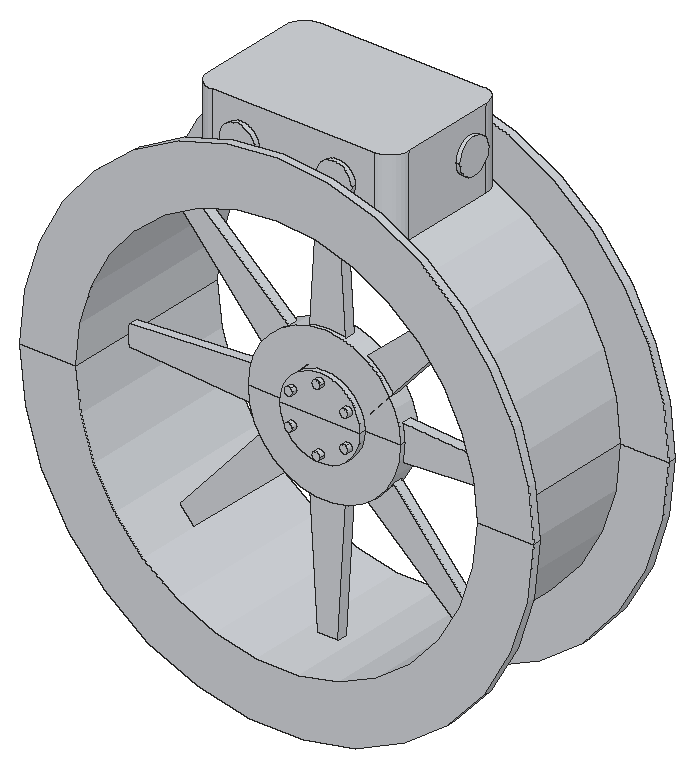
Revit family "CADS_Vent-Axia_MechEquip_Fan_ESC_1Ph4P - SUPPLY", category Mechanical Equipment, Revit 2020
Family settings
  Round Connector Dimension = Use Diameter
  Part Type = Normal
  OmniClass Number = 23.75.00.00
  OmniClass Title = Climate Control (HVAC)
  Work Plane-Based = No
  Always vertical = Yes
  Cut with Voids When Loaded = No
  Shared = No
  Room Calculation Point = No
Parameters (values of type "ESC25014")
  WorkingPressure = 0.0 Pa
  WarrantyStartDate [instance] = "1900-12-31T23:59:59"
  WarrantyPeriod = ""
  WarrantyIdentifier = "N/A"
  WarrantyGuarantorParts = "tech@vent-axia.com"
  WarrantyGuarantorLabor = "tech@vent-axia.com"
  WarrantyGuarantor = "Vent-Axia Limited"
  WarrantyEndDate [instance] = "1900-12-31T23:59:59"
  WarrantyContent = ""
  TemperatureRange = ""
  TagNumber [instance] = "N/A"
  SustainabilityPerformance = ""
  Status = "New"
  Size = ""
  Shape = ""
  ServiceLifeType = ""
  ServiceLifeDuration = ""
  SerialNumber [instance] = "N/A"
  ReplacementCost = ""
  RatedVoltage = 0 V
  RatedCurrent = 0 A
  Quantity = 1
  ProductionYear = ""
  PressureCurve = ""
  PowerFactor = ""
  PointOfContact = ""
  NumberOfPoles = 0
  NominalWidth = 250 mm
  NominalLength = 110 mm
  NominalHeight = 250 mm
  NominalFrequencyRange = ""
  NominalDiameter = 250 mm
  ModelReference = "SHORT CASED AXIAL FAN 250DIA 1PH 4 POLE"
  ModelNumber = "ESC25014"
  Material = ""
  ManufacturerE-Mail = "tech@vent-axia.com"
  ManufacturerAddress = "Fleming Way\nCrawley \nRH10 9YX"
  IsExtendedWarranty = no
  InsulationStandardClass = ""
  InstallationDate [instance] = "1900-12-31T23:59:59"
  IfcExportType [instance] = ""
  IfcExportAs = "IfcFanType"
  IP_Code = ""
  HasProtectiveEarth = no
  GrossWeight = 0.00 kg
  Grade = ""
  GlobalTradeItemNumber [instance] = "N/A"
  Fitting Type = "Ignore"
  Finish = ""
  Features = ""
  ExteriorInsulation = no
  ExpectedServiceLife = 0
  Exclusions = ""
  DurationUnit = "Year"
  Default Elevation = 0 mm
  Constituents = ""
  ConductorFunction = ""
  Color = ""
  CodePerformance = ""
  Category = ""
  CADS_Usage = 0
  CADS_Index = 0
  AssetType = "FIXED"
  AssetIdentifier [instance] = "N/A"
  AssemblyPlace = "UNKNOWN"
  ArticleNumber [instance] = "N/A"
  AirflowRateRange = 0.0 L/s
  Air Flow [instance] = 0.0 L/s
  AccessibilityPerformance = ""
Types (10, lengths in mm): name | NominalWidth | NominalLength | NominalHeight | NominalDiameter | ModelReference | ModelNumber
  ESC25014 | 250 | 110 | 250 | 250 | "SHORT CASED AXIAL FAN 250DIA 1PH 4 POLE" | "ESC25014"
  ESC31514 | 315 | 135 | 315 | 315 | "SHORT CASED AXIAL FAN 315DIA 1PH 4 POLE" | "ESC31514"
  ESC35514 | 355 | 135 | 355 | 355 | "SHORT CASED AXIAL FAN 355DIA 1PH 4 POLE" | "ESC35514"
  ESC35514B | 355 | 135 | 355 | 355 | "355MM 1PH 4P CASED FAN FC035-4EF.2C.A7 169567" | "ESC35514B"
  ESC40014 | 400 | 155 | 400 | 400 | "SHORT CASED AXIAL FAN 400DIA 1PH 4 POLE" | "ESC40014"
  ESC40014B | 400 | 155 | 400 | 400 | "400MM 1PH 4P CASED FAN FC040-4EF.2F.A7 169493" | "ESC40014B"
  ESC45014 | 450 | 160 | 450 | 450 | "SHORT CASED AXIAL FAN 450DIA 1PH 4 POLE" | "ESC45014"
  ESC50014 | 500 | 166 | 500 | 500 | "SHORT CASED AXIAL FAN 500DIA 1PH 4 POLE" | "ESC50014"
  ESC56014C | 560 | 210 | 560 | 560 | "560MM 1PH 4P CASED FAN ART. 183562" | "ESC56014C"
  ESC63014 | 630 | 220 | 630 | 630 | "SHORT CASED AXIAL FAN 630DIA 1PH 4 POLE" | "ESC63014"
Reference planes
  plane 1 "Center (Front/Back)": y = 0
  plane 2: z = 0
  plane 3 "Center (Left/Right)": x = 0
  plane 4: x = -125
  plane 5: x = 125
  plane 6 "F": y = -55
  plane 7 "B": y = 55
  plane 8: x = -160
  plane 9: y = 50
  plane 10: y = -50
  plane 11: x = -130
  plane 12: y = -15
  plane 13 "top": z = 125
  plane 14: z = -125
Forms (mm)
  Revolve 1, solid
    sketch origin (0, 0, 0) x (1, 0, 0) y (0, 1, 0)
      loop
        line (-160, -55) -> (-125, -55) -> (-125, 55) -> (-160, 55) -> (-160, 50) -> (-130, 50) -> (-130, -50) -> (-160, -50) -> (-160, -55)
      axis (0, 55) -> (0, -55)
    angle from 0 to 360
Dimensions and locks
  equal spacing: plane 4, plane 3 "Center (Left/Right)", plane 5
  equal spacing: plane 7 "B", plane 1 "Center (Front/Back)", plane 6 "F"
  "NominalLength": plane 7 "B" to plane 6 "F"
  "NominalDiameter": plane 4 to plane 5
  locked: plane 11 to plane 4 at 5
  locked: plane 8 to plane 11 at 30
  locked: plane 6 "F" to plane 10 at 5
  locked: plane 7 "B" to plane 9 at 5
  locked: plane 6 "F" to plane 12 at 40
  equal spacing: plane 13 "top", level, plane 14
  "NominalDiameter": plane 13 "top" to plane 14
  aligned and locked: level to plane 2
  aligned and locked: nested 1 to plane 12
  aligned and locked: plane 1 "Center (Front/Back)" to nested 16
  aligned and locked: plane 3 "Center (Left/Right)" to nested 16
Automatic sketch dimensions
  plane 6 "F" to Revolve 1 sketch curve = 0 mm
  Revolve 1 sketch curve to plane 8 = 0 mm  (x2)
  plane 10 to Revolve 1 sketch curve = 0 mm
  Revolve 1 sketch curve to plane 11 = 0 mm
  Revolve 1 sketch curve to plane 4 = 0 mm
  Revolve 1 sketch curve to plane 3 "Center (Left/Right)" = 0 mm
  plane 1 "Center (Front/Back)" to Revolve 1 sketch curve = 0 mm
  Revolve 1 sketch curve to plane 9 = 0 mm
  Revolve 1 sketch curve to plane 7 "B" = 0 mm
  plane 6 "F" to Revolve 1 sketch curve = 115 mm
Nested families
  nested 1: "Fan for ESC" at (0, -15, 0), ND <- "NominalDiameter", type "Fan for ESC"
    with hub 25 mm, ND 250 mm, BoltPCD 20 mm, Bolt Count 6, B_Diam 5 mm
  nested 2: "Bolts" at (17.321, -24.172, -10) x (-0.5, 0, -0.866) z (0, 1, 0), type "Bolts"
    with bd 5 mm
  nested 3: "Bolts" at (0, -24.172, -20) x (-1, 0, 0) z (0, 1, 0), type "Bolts"
    with bd 5 mm
  nested 4: "Bolts" at (-17.321, -24.172, -10) x (-0.5, 0, 0.866) z (0, 1, 0), type "Bolts"
    with bd 5 mm
  nested 5: "Bolts" at (-17.321, -24.172, 10) x (0.5, 0, 0.866) z (0, 1, 0), type "Bolts"
    with bd 5 mm
  nested 6: "Bolts" at (17.321, -24.172, 10) x (0.5, 0, -0.866) z (0, 1, 0), type "Bolts"
    with bd 5 mm
  nested 7: "Bolts" at (0, -24.172, 20) x (1, 0, 0) z (0, 1, 0), type "Bolts"
    with bd 5 mm
  nested 8: "ESC Blade" at (0, -15, 0), type "ESC Blade"
    with a 20.00°, HR 25 mm, HD 50 mm, BT 12.5 mm, BR 100 mm, BH 40 mm, BD 250 mm, BB 25 mm
  nested 9: "ESC Blade" at (0, -15, 0) x (0.7071, 0, -0.7071) z (0.7071, 0, 0.7071), type "ESC Blade"
    with a 20.00°, HR 25 mm, HD 50 mm, BT 12.5 mm, BR 100 mm, BH 40 mm, BD 250 mm, BB 25 mm
  nested 10: "ESC Blade" at (0, -15, 0) x (0, 0, -1) z (1, 0, 0), type "ESC Blade"
    with a 20.00°, HR 25 mm, HD 50 mm, BT 12.5 mm, BR 100 mm, BH 40 mm, BD 250 mm, BB 25 mm
  nested 11: "ESC Blade" at (0, -15, 0) x (-0.7071, 0, -0.7071) z (0.7071, 0, -0.7071), type "ESC Blade"
    with a 20.00°, HR 25 mm, HD 50 mm, BT 12.5 mm, BR 100 mm, BH 40 mm, BD 250 mm, BB 25 mm
  nested 12: "ESC Blade" at (0, -15, 0) x (-1, 0, 0) z (0, 0, -1), type "ESC Blade"
    with a 20.00°, HR 25 mm, HD 50 mm, BT 12.5 mm, BR 100 mm, BH 40 mm, BD 250 mm, BB 25 mm
  nested 13: "ESC Blade" at (0, -15, 0) x (-0.7071, 0, -0.7071) z (-0.7071, 0, 0.7071), type "ESC Blade"
    with a 20.00°, HR 25 mm, HD 50 mm, BT 12.5 mm, BR 100 mm, BH 40 mm, BD 250 mm, BB 25 mm
  nested 14: "ESC Blade" at (0, -15, 0) x (0, 0, -1) z (-1, 0, 0), type "ESC Blade"
    with a 20.00°, HR 25 mm, HD 50 mm, BT 12.5 mm, BR 100 mm, BH 40 mm, BD 250 mm, BB 25 mm
  nested 15: "ESC Blade" at (0, -15, 0) x (0.7071, 0, -0.7071) z (-0.7071, 0, -0.7071), type "ESC Blade"
    with a 20.00°, HR 25 mm, HD 50 mm, BT 12.5 mm, BR 100 mm, BH 40 mm, BD 250 mm, BB 25 mm
  nested 16: "Electrical Connection Box" at (0, 0, 125), type "125x84"
Connectors
  hvac at (0, -55, 0), driven by "NominalDiameter", driven by "Air Flow"
    settings: on Revolve 1, index 1, duct flow 0.0 L/s, flow factor 0, pres drop 0.0 Pa, loss coef 0, conn angle 0.00°, conn width 304.8 mm, conn height 304.8 mm, conn diameter 250 mm, duct sys type 1, conn prof type 0, flow config 1, flow direction 1, loss method 0, conn ref index -1, conn util no, is conn primary yes, conn desc ""
  hvac at (0, 55, 0), driven by "NominalDiameter", driven by "Air Flow"
    settings: on Revolve 1, index 2, duct flow 0.0 L/s, flow factor 0, pres drop 0.0 Pa, loss coef 0, conn angle 0.00°, conn width 304.8 mm, conn height 304.8 mm, conn diameter 250 mm, duct sys type 1, conn prof type 0, flow config 0, flow direction 2, loss method 0, conn ref index -1, conn util no, is conn primary no, conn desc ""
Definition of nested family "Fan for ESC"
  Parameters (values of type "Fan for ESC")
    hub [instance] = ND / 10  # 56.7 mm
    ND [instance] = 567 mm
    Model = "."
    Default Elevation = 0 mm
    BoltPCD [instance] = hub - (hub * 0.2)  # 45.36 mm
    Bolt Count [instance] = if(hub < 50 mm, 6, 8)  # 8
    B_Diam [instance] = if(hub < 50 mm, 5 mm, 10 mm)  # 10 mm
  Reference planes
    plane 1 "Center (Front/Back)": y = 0
    plane 2: z = 0
    plane 3 "Center (Left/Right)": x = 0
    plane 4 "back": y = 20
    plane 5 "bolts": y = -9.172
    plane 6 "B": z = 56.7
    plane 7: x = -79.287
    plane 8: x = -56.7
    plane 9 "hubface": y = -6.172
  Forms (mm)
    Revolve 1, solid
      sketch origin (0, 0, 0) x (1, 0, 0) y (0, 1, 0)
        loop
          line (0, 20) -> (-56.7, 20) -> (-56.7, 10.504) -> (-79.287, 10.504) -> (-79.287, -2.597) -> (-56.7, -2.597) -> (-56.7, -6.172) -> (0, -6.172) -> (0, 20)
        axis (0, 20) -> (0, -6.172)
      angle from 0 to 360
    Extrusion 2, solid, not visible
      sketch origin (0, -6.347, -4) x (-1, 0, 0) y (0, 0, 1)
        loop
          circle (0, 84) r 5
      from 0 to 3
  Lines and regions (mm)
    symbolic lines
      curve 1: circle (0, -9.172, 0) r 45.36 normal (0, 1, 0)
    model lines, not visible
      curve 2: line (0, -6.347, 85) -> (0, -6.347, 75)
  Dimensions and locks
    "hub": plane 6 "B" to plane 2
    "hub": nested 3 to plane 3 "Center (Left/Right)"
    "hub": nested 4 to plane 3 "Center (Left/Right)"
    "hub": nested 5 to plane 3 "Center (Left/Right)"
    "hub": plane 3 "Center (Left/Right)" to nested 6
    "hub": Revolve 1 sketch curve to Revolve 1 sketch curve
    "hub": plane 3 "Center (Left/Right)" to nested 7
    "hub": plane 3 "Center (Left/Right)" to nested 8
    "hub": plane 3 "Center (Left/Right)" to nested 9
    "hub": plane 8 to plane 3 "Center (Left/Right)"
    plane 7 to plane 8 = 22.587 mm
    diameter of Extrusion 2 sketch curve = 10 mm
    "BoltPCD": radius of curve 1
    "BoltPCD": radius of radial array
    aligned and locked: level to plane 2
    aligned and locked: plane 6 "B" to nested 1
  Automatic sketch dimensions
    Revolve 1 sketch curve to plane 7 = 0 mm
    Revolve 1 sketch curve to plane 8 = 0 mm  (x2)
    Revolve 1 sketch curve to plane 3 "Center (Left/Right)" = 0 mm
    Revolve 1 sketch curve to plane 9 "hubface" = 0 mm
    plane 4 "back" to Revolve 1 sketch curve = 0 mm
    plane 1 "Center (Front/Back)" to Revolve 1 sketch curve = 2.597 mm
    plane 4 "back" to Revolve 1 sketch curve = 9.496 mm
    Revolve 1 sketch curve to Revolve 1 sketch curve = 5 mm
    Revolve 1 sketch curve to plane 4 "back" = 45 mm
    curve 1 to level = 0 mm
    curve 1 to plane 3 "Center (Left/Right)" = 0 mm
  Nested families
    nested 1: "ESC Blade" at (0, 0, 0), BD <- "ND", HD <- "hub", type "ESC Blade"
      with a 20.00°, HR 56.7 mm, HD 113.4 mm, BT 28.35 mm, BR 226.8 mm, BH 40 mm, BD 567 mm, BB 56.7 mm
    nested 2: "ESC Blade" at (0, 0, 755), BD <- "ND", HD <- "hub", type "ESC Blade", not visible
      with a 20.00°, HR 56.7 mm, HD 113.4 mm, BT 28.35 mm, BR 226.8 mm, BH 40 mm, BD 567 mm, BB 56.7 mm
    nested 3: "ESC Blade" at (0, 0, 0) x (0.7071, 0, -0.7071) z (0.7071, 0, 0.7071), BD <- "ND", HD <- "hub", type "ESC Blade"
      with a 20.00°, HR 56.7 mm, HD 113.4 mm, BT 28.35 mm, BR 226.8 mm, BH 40 mm, BD 567 mm, BB 56.7 mm
    nested 4: "ESC Blade" at (0, 0, 0) x (0, 0, -1) z (1, 0, 0), BD <- "ND", HD <- "hub", type "ESC Blade"
      with a 20.00°, HR 56.7 mm, HD 113.4 mm, BT 28.35 mm, BR 226.8 mm, BH 40 mm, BD 567 mm, BB 56.7 mm
    nested 5: "ESC Blade" at (0, 0, 0) x (-0.7071, 0, -0.7071) z (0.7071, 0, -0.7071), BD <- "ND", HD <- "hub", type "ESC Blade"
      with a 20.00°, HR 56.7 mm, HD 113.4 mm, BT 28.35 mm, BR 226.8 mm, BH 40 mm, BD 567 mm, BB 56.7 mm
    nested 6: "ESC Blade" at (0, 0, 0) x (-1, 0, 0) z (0, 0, -1), BD <- "ND", HD <- "hub", type "ESC Blade"
      with a 20.00°, HR 56.7 mm, HD 113.4 mm, BT 28.35 mm, BR 226.8 mm, BH 40 mm, BD 567 mm, BB 56.7 mm
    nested 7: "ESC Blade" at (0, 0, 0) x (-0.7071, 0, -0.7071) z (-0.7071, 0, 0.7071), BD <- "ND", HD <- "hub", type "ESC Blade"
      with a 20.00°, HR 56.7 mm, HD 113.4 mm, BT 28.35 mm, BR 226.8 mm, BH 40 mm, BD 567 mm, BB 56.7 mm
    nested 8: "ESC Blade" at (0, 0, 0) x (0, 0, -1) z (-1, 0, 0), BD <- "ND", HD <- "hub", type "ESC Blade"
      with a 20.00°, HR 56.7 mm, HD 113.4 mm, BT 28.35 mm, BR 226.8 mm, BH 40 mm, BD 567 mm, BB 56.7 mm
    nested 9: "ESC Blade" at (0, 0, 0) x (0.7071, 0, -0.7071) z (-0.7071, 0, -0.7071), BD <- "ND", HD <- "hub", type "ESC Blade"
      with a 20.00°, HR 56.7 mm, HD 113.4 mm, BT 28.35 mm, BR 226.8 mm, BH 40 mm, BD 567 mm, BB 56.7 mm
    nested 10: "Bolts" at (0, -9.172, 45.36) x (1, 0, 0) z (0, 1, 0), bd <- "B_Diam", type "Bolts"
      with bd 10 mm
    nested 11: "Bolts" at (32.074, -9.172, 32.074) x (0.7071, 0, -0.7071) z (0, 1, 0), bd <- "B_Diam", type "Bolts"
      with bd 10 mm
    nested 12: "Bolts" at (-32.074, -9.172, 32.074) x (0.7071, 0, 0.7071) z (0, 1, 0), bd <- "B_Diam", type "Bolts"
      with bd 10 mm
    nested 13: "Bolts" at (-45.36, -9.172, 0) x (0, 0, 1) z (0, 1, 0), bd <- "B_Diam", type "Bolts"
      with bd 10 mm
    nested 14: "Bolts" at (-32.074, -9.172, -32.074) x (-0.7071, 0, 0.7071) z (0, 1, 0), bd <- "B_Diam", type "Bolts"
      with bd 10 mm
    nested 15: "Bolts" at (0, -9.172, -45.36) x (-1, 0, 0) z (0, 1, 0), bd <- "B_Diam", type "Bolts"
      with bd 10 mm
    nested 16: "Bolts" at (32.074, -9.172, -32.074) x (-0.7071, 0, -0.7071) z (0, 1, 0), bd <- "B_Diam", type "Bolts"
      with bd 10 mm
    nested 17: "Bolts" at (45.36, -9.172, 0) x (0, 0, -1) z (0, 1, 0), bd <- "B_Diam", type "Bolts"
      with bd 10 mm
  Definition of nested family "ESC Blade"
    Parameters (values of type "ESC Blade")
      a [instance] = 20.00°
      HR [instance] = HD / 2  # 30 mm
      HD [instance] = BD / 5  # 60 mm
      Default Elevation = 1219.2 mm
      BT [instance] = BD / 20  # 15 mm
      BR [instance] = (BD / 2) - HR  # 120 mm
      BH [instance] = 40 mm
      BD [instance] = 300 mm
      BB [instance] = BD / 10  # 30 mm
    Reference planes
      plane 1 "Center (Front/Back)": y = 0
      plane 2: z = 0
      plane 3 "Center (Left/Right)": x = 0
      plane 4 "Blade Bot": z = 30
      plane 5: x = -15
      plane 6: x = 15
      plane 7: x = -7.5
      plane 8: x = 7.5
    Forms (mm)
      Blend 1, solid
        base sketch origin (0, 0, 30) x (-1, 0, 0) y (0, -1, 0)
          loop
            line (15, 0) -> (-15, 0) -> (-15, -6) -> (15, -6) -> (15, 0)
        top sketch origin (0, 0, 30) x (-1, 0, 0) y (0, -1, 0)
          loop
            line (7.5, -6) -> (7.5, 0) -> (-7.5, 0) -> (-7.5, -6) -> (7.5, -6)
        from 0 to 120 <- "BR"
    Dimensions and locks
      "HR": plane 4 "Blade Bot" to level
      equal spacing: plane 8, plane 3 "Center (Left/Right)", plane 7
      "BT": plane 8 to plane 7
      equal spacing: plane 6, plane 3 "Center (Left/Right)", plane 5
      "BB": plane 6 to plane 5
      aligned and locked: level to plane 2
    Automatic sketch dimensions
      plane 1 "Center (Front/Back)" to Blend 1 sketch curve = 0 mm  (x2)
      Blend 1 sketch curve to plane 6 = 0 mm
      Blend 1 sketch curve to plane 5 = 0 mm
      Blend 1 sketch curve to plane 1 "Center (Front/Back)" = 6 mm  (x2)
      Blend 1 sketch curve to plane 8 = 0 mm
      Blend 1 sketch curve to plane 7 = 0 mm
  Definition of nested family "Bolts"
    Parameters
      bd [instance] = 10 mm
      Default Elevation = 1219.2 mm
    Reference planes
      plane 1 "Center (Front/Back)": y = 0
      plane 2: z = 0
      plane 3 "Center (Left/Right)": x = 0
    Forms (mm)
      Extrusion 1, solid
        sketch origin (0, 0, 0) x (1, 0, 0) y (0, 1, 0)
          loop
            line (-1219.2, 1219.2) -> (-1219.2, -1219.2) -> (1219.2, -1219.2) -> (1219.2, 1219.2) -> (-1219.2, 1219.2)
        from 0 to -304.8
      Extrusion 2, solid
        sketch origin (0, 0, 0) x (1, 0, 0) y (0, 1, 0)
          loop
            circle (0, 0) r 5
        from 0 to 3
    Dimensions and locks
      "bd": diameter of Extrusion 2 sketch curve
      aligned and locked: plane 2 to Extrusion 1
      aligned and locked: level to Extrusion 1
    Automatic sketch dimensions
      Extrusion 1 sketch curve to Extrusion 1 sketch curve = 2438.4 mm  (x2)
      plane 1 "Center (Front/Back)" to Extrusion 2 sketch curve = 0 mm
      Extrusion 2 sketch curve to plane 3 "Center (Left/Right)" = 0 mm
Definition of nested family "Bolts"
  Parameters
    bd [instance] = 10 mm
    Default Elevation = 1219.2 mm
  Reference planes
    plane 1 "Center (Front/Back)": y = 0
    plane 2: z = 0
    plane 3 "Center (Left/Right)": x = 0
  Forms (mm)
    Extrusion 1, solid
      sketch origin (0, 0, 0) x (1, 0, 0) y (0, 1, 0)
        loop
          line (-1219.2, 1219.2) -> (-1219.2, -1219.2) -> (1219.2, -1219.2) -> (1219.2, 1219.2) -> (-1219.2, 1219.2)
      from 0 to -304.8
    Extrusion 2, solid
      sketch origin (0, 0, 0) x (1, 0, 0) y (0, 1, 0)
        loop
          circle (0, 0) r 5
      from 0 to 3
  Dimensions and locks
    "bd": diameter of Extrusion 2 sketch curve
    aligned and locked: plane 2 to Extrusion 1
    aligned and locked: level to Extrusion 1
  Automatic sketch dimensions
    Extrusion 1 sketch curve to Extrusion 1 sketch curve = 2438.4 mm  (x2)
    plane 1 "Center (Front/Back)" to Extrusion 2 sketch curve = 0 mm
    Extrusion 2 sketch curve to plane 3 "Center (Left/Right)" = 0 mm
Definition of nested family "ESC Blade"
  Parameters (values of type "ESC Blade")
    a [instance] = 20.00°
    HR [instance] = HD / 2  # 30 mm
    HD [instance] = BD / 5  # 60 mm
    Default Elevation = 1219.2 mm
    BT [instance] = BD / 20  # 15 mm
    BR [instance] = (BD / 2) - HR  # 120 mm
    BH [instance] = 40 mm
    BD [instance] = 300 mm
    BB [instance] = BD / 10  # 30 mm
  Reference planes
    plane 1 "Center (Front/Back)": y = 0
    plane 2: z = 0
    plane 3 "Center (Left/Right)": x = 0
    plane 4 "Blade Bot": z = 30
    plane 5: x = -15
    plane 6: x = 15
    plane 7: x = -7.5
    plane 8: x = 7.5
  Forms (mm)
    Blend 1, solid
      base sketch origin (0, 0, 30) x (-1, 0, 0) y (0, -1, 0)
        loop
          line (15, 0) -> (-15, 0) -> (-15, -6) -> (15, -6) -> (15, 0)
      top sketch origin (0, 0, 30) x (-1, 0, 0) y (0, -1, 0)
        loop
          line (7.5, -6) -> (7.5, 0) -> (-7.5, 0) -> (-7.5, -6) -> (7.5, -6)
      from 0 to 120 <- "BR"
  Dimensions and locks
    "HR": plane 4 "Blade Bot" to level
    equal spacing: plane 8, plane 3 "Center (Left/Right)", plane 7
    "BT": plane 8 to plane 7
    equal spacing: plane 6, plane 3 "Center (Left/Right)", plane 5
    "BB": plane 6 to plane 5
    aligned and locked: level to plane 2
  Automatic sketch dimensions
    plane 1 "Center (Front/Back)" to Blend 1 sketch curve = 0 mm  (x2)
    Blend 1 sketch curve to plane 6 = 0 mm
    Blend 1 sketch curve to plane 5 = 0 mm
    Blend 1 sketch curve to plane 1 "Center (Front/Back)" = 6 mm  (x2)
    Blend 1 sketch curve to plane 8 = 0 mm
    Blend 1 sketch curve to plane 7 = 0 mm
Definition of nested family "Electrical Connection Box"
  Parameters (values of type "125x84")
    w = 125 mm
    vis grommets = yes
    h = 50 mm
    d = 84 mm
    Default Elevation = 1219.2 mm
  Types (4, lengths in mm): name | w | vis grommets | h | d
    125x84 | 125 | yes | 50 | 84
    165x135 | 165 | no | 50 | 135
    Electrical Connection Box 2 | 165 | no | 0 | 135
    Electrical Connection Box | 125 | no | 0 | 84
  Reference planes
    plane 1 "Center (Front/Back)": y = 0
    plane 2: z = 0
    plane 3 "Center (Left/Right)": x = 0
    plane 4: y = 42
    plane 5: x = 62.5
    plane 6: x = -62.5
    plane 7: y = -42
  Forms (mm)
    Extrusion 1, solid
      sketch origin (0, 0, 0) x (1, 0, 0) y (0, 1, 0)
        loop
          line (-1219.2, 1219.2) -> (-1219.2, -1219.2) -> (1219.2, -1219.2) -> (1219.2, 1219.2) -> (-1219.2, 1219.2)
      from 0 to -304.8
    Extrusion 2, solid
      sketch origin (-62.5, -42, 0) x (1, 0, 0) y (0, 1, 0)
        loop
          arc (12, 84) -> (3.515, 80.485) -> (0, 72) r 12
          line (0, 72) -> (0, 12)
          arc (0, 12) -> (3.515, 3.515) -> (12, 0) r 12
          line (12, 0) -> (113, 0)
          arc (113, 0) -> (121.485, 3.515) -> (125, 12) r 12
          line (125, 12) -> (125, 72)
          arc (125, 72) -> (121.485, 80.485) -> (113, 84) r 12
          line (113, 84) -> (12, 84)
      from 0 to 50 <- "h"
    Extrusion 3, solid, visible <- "vis grommets"
      sketch origin (62.5, 43.228, -0.59) x (0, -1, 0) y (0, 0, -1)
        loop
          circle (26.228, -28.09) r 11
      from 0 to 3
    Extrusion 4, solid, visible <- "vis grommets"
      sketch origin (204.495, -42, 22.909) x (-1, 0, 0) y (0, 0, -1)
        loop
          circle (176.995, -4.591) r 11
      from 0 to 3
    Extrusion 5, solid, visible <- "vis grommets"
      sketch origin (144.495, -42, 22.909) x (-1, 0, 0) y (0, 0, -1)
        loop
          circle (176.995, -4.591) r 11
      from 0 to 3
  Dimensions and locks
    "w": plane 6 to plane 5
    equal spacing: plane 6, plane 3 "Center (Left/Right)", plane 5
    "d": plane 4 to plane 7
    equal spacing: plane 4, plane 1 "Center (Front/Back)", plane 7
    aligned and locked: plane 2 to Extrusion 1
    aligned and locked: level to Extrusion 1
  Automatic sketch dimensions
    Extrusion 1 sketch curve to Extrusion 1 sketch curve = 2438.4 mm  (x2)
    Extrusion 2 sketch curve to plane 6 = 0 mm
    plane 7 to Extrusion 2 sketch curve = 0 mm
    Extrusion 2 sketch curve to plane 4 = 0 mm
    Extrusion 2 sketch curve to plane 5 = 0 mm
    Extrusion 2 sketch curve to plane 6 = 12 mm
    Extrusion 2 sketch curve to plane 4 = 12 mm  (x2)
    Extrusion 2 sketch curve to plane 5 = 12 mm
    Extrusion 3 sketch curve to Extrusion 2 = 13 mm
    Extrusion 2 to Extrusion 3 sketch curve = 22.5 mm
    Extrusion 4 sketch curve to Extrusion 2 = 23 mm
    Extrusion 2 to Extrusion 4 sketch curve = 22.5 mm
    Extrusion 2 to Extrusion 5 sketch curve = 18 mm
    Extrusion 2 to Extrusion 5 sketch curve = 22.5 mm
    radius of Extrusion 3 sketch curve = 11 mm
    radius of Extrusion 4 sketch curve = 11 mm
    radius of Extrusion 5 sketch curve = 11 mm
